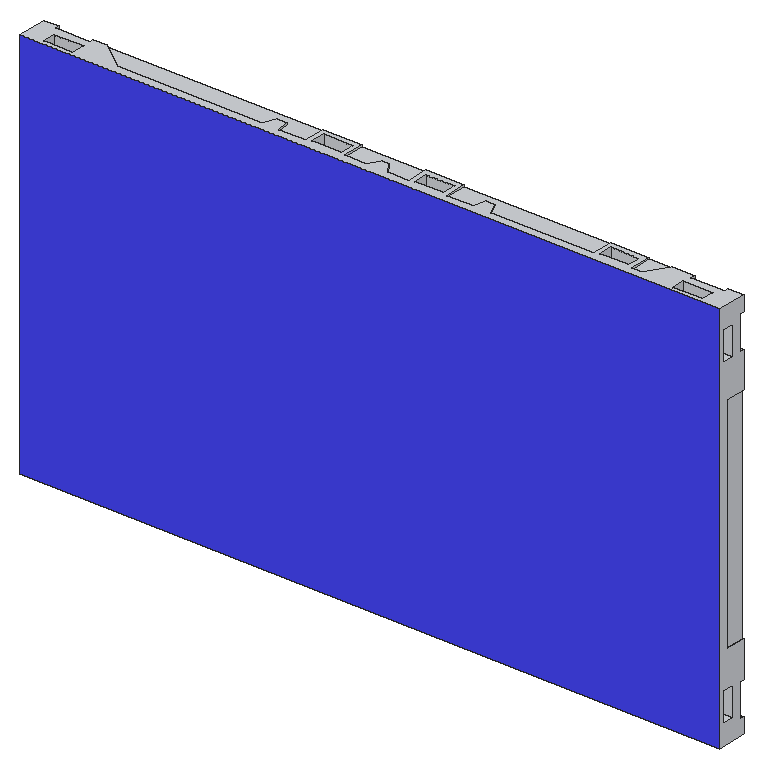
Revit family "DAK-NPN-COB-4600-6600_R23", category Generic Models, Revit 2023
Family settings
  Can host rebar = No
  Round Connector Dimension = Use Diameter
  Part Type = Normal
  Work Plane-Based = No
  Always vertical = Yes
  Cut with Voids When Loaded = No
  Maintain Annotation Orientation = No
  Shared = No
  Room Calculation Point = No
Parameters
  Type Comments = ""
  Model = "DAK-NPN-COB-4600-6600"
  Manufacturer = "DAKTRONICS"
  Description = ""
  Default Elevation = 0' - 0"
Reference planes (in)
  plane 1 "Center (Front/Back)": y = 0
  plane 2: z = 0
  plane 3 "Center (Left/Right)": x = 0
Forms (in)
  Extrusion 1, solid
    sketch origin (0, 0, 0) x (1, 0, 0) y (0, 0, 1)
      loop
        line (23.62205, 13.2874) -> (0, 13.2874) -> (0, 0) -> (23.62205, 0) -> (23.62205, 13.2874)
    from 0 to -0.98438
  Extrusion 2, void
    sketch origin (0, 0, 0) x (0, 1, 0) y (0, 0, 1)
      loop
        line (0.55118, 1.69291) -> (0.11811, 1.69291) -> (0.11811, 0.68898) -> (0.55118, 0.68898) -> (0.55118, 1.69291)
      loop
        line (0.55118, 12.59843) -> (0.11811, 12.59843) -> (0.11811, 11.59449) -> (0.55118, 11.59449) -> (0.55118, 12.59843)
    from 0 to 23.62205
  Extrusion 3, void
    sketch origin (0, 0, 0) x (0, 1, 0) y (0, 0, 1)
      loop
        line (0.98425, 2.87402) -> (0.98425, 10.19882) -> (0.27559, 10.19882) -> (0.27559, 2.87402) -> (0.98425, 2.87402)
    from 0 to 0.04331
  Extrusion 4, void
    sketch origin (0, 0, 0) x (0, 1, 0) y (0, 0, 1)
      loop
        line (0.98425, 2.87402) -> (0.98425, 10.41339) -> (0.27559, 10.41339) -> (0.27559, 2.87402) -> (0.98425, 2.87402)
    from 23.62205 to 23.5748
  Extrusion 5, void
    sketch origin (0, 0, 0) x (1, 0, 0) y (0, 0, 1)
      loop
        circle (22.24409, 1.37795) r 0.15748
      loop
        circle (22.24409, 11.90945) r 0.15748
      loop
        circle (1.37795, 1.37795) r 0.15748
      loop
        circle (1.37795, 11.90945) r 0.15748
    from -0.55118 to -0.98425
  Extrusion 6, void
    sketch origin (0, 0, 0) x (1, 0, 0) y (0, 1, 0)
      loop
        line (2.14567, 0.98425) -> (3.02606, 0.27559) -> (7.94449, 0.27559) -> (8.13055, 0.66929) -> (8.44551, 0.66929) -> (8.52362, 0.27559) -> (9.42913, 0.27559) -> (9.42913, 0.98425) -> (2.14567, 0.98425)
      loop
        line (10.72835, 0.98425) -> (10.72835, 0.27559) -> (11.43701, 0.27559) -> (11.69811, 0.64961) -> (11.92394, 0.64961) -> (12.18504, 0.27559) -> (12.8937, 0.27559) -> (12.8937, 0.98425) -> (10.72835, 0.98425)
      loop
        line (20.43356, 0.98425) -> (20.43356, 0.27559) -> (20.74852, 0.27559) -> (21.19232, 0.98425) -> (20.43356, 0.98425)
      loop
        line (14.19291, 0.98425) -> (14.19291, 0.27559) -> (15.09843, 0.27559) -> (15.17654, 0.66929) -> (15.4915, 0.66929) -> (15.67756, 0.27559) -> (19.13435, 0.27559) -> (19.13435, 0.98425) -> (14.19291, 0.98425)
    from 13.2874 to 13.24409
  Extrusion 7, void
    sketch origin (0, 0, 0) x (1, 0, 0) y (0, 1, 0)
      loop
        line (0.68898, 0.55118) -> (0.68898, 0.11811) -> (1.69291, 0.11811) -> (1.69291, 0.55118) -> (0.68898, 0.55118)
      loop
        line (10.57087, 0.33465) -> (10.57087, 0.80709) -> (9.58661, 0.80709) -> (9.58661, 0.33465) -> (10.57087, 0.33465)
      loop
        line (21.92913, 0.55118) -> (21.92913, 0.11811) -> (22.93307, 0.11811) -> (22.93307, 0.55118) -> (21.92913, 0.55118)
      loop
        line (20.27608, 0.80709) -> (19.29183, 0.80709) -> (19.29183, 0.33465) -> (20.27608, 0.33465) -> (20.27608, 0.80709)
      loop
        line (14.03543, 0.80709) -> (13.05118, 0.80709) -> (13.05118, 0.33465) -> (14.03543, 0.33465) -> (14.03543, 0.80709)
    from 0 to 13.2874
  Extrusion 8, void
    sketch origin (0, 0, 0) x (1, 0, 0) y (0, 1, 0)
      loop
        line (9.42913, 0.27559) -> (9.42913, 0.98425) -> (2.14567, 0.98425) -> (3.02606, 0.27559) -> (7.94449, 0.27559) -> (8.13055, 0.66929) -> (8.44551, 0.66929) -> (8.52362, 0.27559) -> (9.42913, 0.27559)
      loop
        line (11.43701, 0.27559) -> (11.69811, 0.64961) -> (11.92394, 0.64961) -> (12.18504, 0.27559) -> (12.8937, 0.27559) -> (12.8937, 0.98425) -> (10.72835, 0.98425) -> (10.72835, 0.27559) -> (11.43701, 0.27559)
      loop
        line (15.67756, 0.27559) -> (19.13435, 0.27559) -> (19.13435, 0.98425) -> (14.19291, 0.98425) -> (14.19291, 0.27559) -> (15.09843, 0.27559) -> (15.17654, 0.66929) -> (15.4915, 0.66929) -> (15.67756, 0.27559)
      loop
        line (21.19232, 0.98425) -> (20.43356, 0.98425) -> (20.43356, 0.27559) -> (20.74852, 0.27559) -> (21.19232, 0.98425)
    from 0 to 0.04331
  Extrusion 9, void
    sketch origin (0, 0, 0) x (1, 0, 0) y (0, 0, 1)
      loop
        line (23.62205, 11.63386) -> (23.62205, 12.77559) -> (23.54331, 12.77559) -> (23.11024, 13.20866) -> (23.11024, 13.2874) -> (21.9685, 13.2874) -> (21.9685, 12.74966) -> (23.08431, 11.63386) -> (23.62205, 11.63386)
      loop
        line (21.9685, 0) -> (23.11024, 0) -> (23.11024, 0.07874) -> (23.54331, 0.51181) -> (23.62205, 0.51181) -> (23.62205, 1.65354) -> (23.08431, 1.65354) -> (21.9685, 0.53774) -> (21.9685, 0)
      loop
        line (0.51181, 13.20866) -> (0.07874, 12.77559) -> (0, 12.77559) -> (0, 11.63386) -> (0.53774, 11.63386) -> (1.65354, 12.74966) -> (1.65354, 13.2874) -> (0.51181, 13.2874) -> (0.51181, 13.20866)
      loop
        line (1.65354, 0.53774) -> (0.53774, 1.65354) -> (0, 1.65354) -> (0, 0.51181) -> (0.07874, 0.51181) -> (0.51181, 0.07874) -> (0.51181, 0) -> (1.65354, 0) -> (1.65354, 0.53774)
    from -0.98438 to -0.84658
  Extrusion 10, void
    sketch origin (0, 0, 0) x (1, 0, 0) y (0, 0, 1)
      loop
        line (15.20579, 4.3212) -> (15.21227, 4.25962) -> (15.23422, 4.20917) -> (15.27304, 4.17307) -> (15.32756, 4.15089) -> (15.39227, 4.14032) -> (15.46425, 4.13743) -> (15.63966, 4.13743) -> (15.63966, 4.49123) -> (15.39965, 4.49123) -> (15.33342, 4.48542) -> (15.27731, 4.46579) -> (15.23703, 4.43148) -> (15.21323, 4.38232) -> (15.20579, 4.3212)
      loop
        arc (11.321, 8.49174) -> (9.64924, 6.81998) -> (11.321, 5.14821) r 1.67176
        line (11.321, 5.14821) -> (14.6645, 5.14821) -> (14.6645, 5.98408)
        arc (14.6645, 5.98408) -> (13.82861, 6.81998) -> (14.6645, 7.65587) r 0.8359
        line (14.6645, 7.65587) -> (14.6645, 8.49174) -> (11.321, 8.49174)
      loop
        line (14.81792, 4.2574) -> (14.69259, 4.48963) -> (14.56199, 4.2574) -> (14.81792, 4.2574)
      loop
        line (13.49886, 4.03323) -> (13.71386, 4.03323) -> (14.06476, 4.28516) -> (14.06476, 4.03323) -> (14.2019, 4.03323) -> (14.2019, 4.5916) -> (14.06476, 4.5916) -> (14.06476, 4.36601) -> (13.73889, 4.5916) -> (13.54238, 4.5916) -> (13.92779, 4.33281) -> (13.49886, 4.03323)
      loop
        line (14.50617, 4.15586) -> (14.87548, 4.15586) -> (14.94585, 4.03323) -> (15.08168, 4.03323) -> (14.75044, 4.5916) -> (14.61981, 4.5916) -> (14.2833, 4.03323) -> (14.43628, 4.03323) -> (14.50617, 4.15586)
      loop
        line (12.79899, 4.49086) -> (13.06939, 4.49086) -> (13.06939, 4.03323) -> (13.20527, 4.03323) -> (13.20527, 4.49086) -> (13.47434, 4.49086) -> (13.47434, 4.5916) -> (12.79899, 4.5916) -> (12.79899, 4.49086)
      loop
        line (12.18998, 4.45231) -> (12.18998, 4.38385)
        arc (12.18998, 4.38385) -> (12.2143, 4.35265) -> (12.25205, 4.34085) r 0.0663
        line (12.25205, 4.34085) -> (12.56219, 4.34085) -> (12.56219, 4.49531) -> (12.25205, 4.49531)
        arc (12.25205, 4.49531) -> (12.2143, 4.48351) -> (12.18998, 4.45231) r 0.0663
      loop
        line (12.43422, 4.24429) -> (12.56219, 4.24429) -> (12.56219, 4.03323) -> (12.69661, 4.03323) -> (12.69661, 4.5916) -> (12.19411, 4.5916) -> (12.14974, 4.58847) -> (12.11126, 4.57694) -> (12.08327, 4.5548) -> (12.06789, 4.52286) -> (12.06338, 4.48337) -> (12.06338, 4.35156) -> (12.06791, 4.3124) -> (12.08339, 4.28084) -> (12.11141, 4.25896) -> (12.14985, 4.24748) -> (12.19411, 4.24429) -> (12.27055, 4.24429) -> (12.00546, 4.03323) -> (12.20064, 4.03323) -> (12.43422, 4.24429)
      loop
        line (11.35663, 4.48853) -> (11.35663, 4.14051) -> (11.80644, 4.14051) -> (11.80644, 4.48853) -> (11.35663, 4.48853)
      loop
        line (15.43524, 4.03323) -> (15.77687, 4.03323) -> (15.77687, 4.5916) -> (15.40092, 4.5916) -> (15.29159, 4.58155) -> (15.19935, 4.5502) -> (15.1308, 4.49889) -> (15.08691, 4.4302) -> (15.06669, 4.34144) -> (15.07185, 4.24638) -> (15.10088, 4.1674) -> (15.15235, 4.1078) -> (15.22875, 4.06479) -> (15.32487, 4.04062) -> (15.43524, 4.03323)
      loop
        line (11.36597, 4.03323) -> (11.7973, 4.03323) -> (11.84112, 4.03509) -> (11.88041, 4.04269) -> (11.91165, 4.05992) -> (11.93086, 4.08766) -> (11.93994, 4.12402) -> (11.94223, 4.16519) -> (11.94223, 4.45964) -> (11.93992, 4.50081) -> (11.93084, 4.53717) -> (11.91167, 4.56494) -> (11.88044, 4.5822) -> (11.84113, 4.58977) -> (11.7973, 4.5916) -> (11.36597, 4.5916) -> (11.32211, 4.58978) -> (11.28277, 4.58222) -> (11.2515, 4.56499) -> (11.23228, 4.53723) -> (11.22316, 4.50085) -> (11.22084, 4.45964) -> (11.22084, 4.16519) -> (11.2232, 4.12405) -> (11.23245, 4.08775) -> (11.25177, 4.06009) -> (11.28298, 4.04281) -> (11.32221, 4.03512) -> (11.36597, 4.03323)
      loop
        line (10.09543, 4.5916) -> (10.09543, 4.03323) -> (10.23122, 4.03323) -> (10.23122, 4.5916) -> (10.09543, 4.5916)
      loop
        line (10.40621, 4.5916) -> (10.40621, 4.03323) -> (10.4998, 4.03323) -> (10.97216, 4.40916) -> (10.97216, 4.03323) -> (11.09611, 4.03323) -> (11.09611, 4.5916) -> (11.00232, 4.5916) -> (10.52888, 4.22088) -> (10.52888, 4.5916) -> (10.40621, 4.5916)
      loop
        line (9.80705, 5.24136) -> (9.87396, 5.35111) -> (9.91808, 5.35111) -> (9.91808, 5.24136) -> (9.95655, 5.24136) -> (9.95655, 5.49491) -> (9.86001, 5.49491) -> (9.81809, 5.48994)
        arc (9.81809, 5.48994) -> (9.79574, 5.47419) -> (9.77605, 5.45522) r 0.17882
        line (9.77605, 5.45522) -> (9.7704, 5.42264) -> (9.77864, 5.38644) -> (9.80046, 5.36423) -> (9.83624, 5.35293) -> (9.76412, 5.24136) -> (9.80705, 5.24136)
      loop
        line (9.92594, 4.16519) -> (9.92594, 4.45964) -> (9.92359, 4.50079) -> (9.91433, 4.53709) -> (9.89495, 4.56471) -> (9.86372, 4.58195) -> (9.82451, 4.58969) -> (9.78077, 4.5916) -> (9.4326, 4.5916) -> (9.38958, 4.58984) -> (9.35091, 4.58273) -> (9.3195, 4.56666) -> (9.29873, 4.53912) -> (9.28873, 4.50201) -> (9.2862, 4.45964) -> (9.2862, 4.40555) -> (9.42347, 4.3859) -> (9.42347, 4.48853) -> (9.78996, 4.48853) -> (9.78996, 4.14014) -> (9.42347, 4.14014) -> (9.42347, 4.25873) -> (9.2862, 4.23122) -> (9.2862, 4.16519) -> (9.28865, 4.12387) -> (9.29822, 4.08749) -> (9.31798, 4.05998) -> (9.34942, 4.04286) -> (9.38876, 4.03515) -> (9.4326, 4.03323) -> (9.78077, 4.03323) -> (9.8245, 4.03518) -> (9.86369, 4.04294) -> (9.89493, 4.06016) -> (9.91435, 4.08775) -> (9.92361, 4.12404) -> (9.92594, 4.16519)
      loop
        line (9.86581, 5.38358) -> (9.91808, 5.38358) -> (9.91808, 5.46219) -> (9.86581, 5.46219)
        arc (9.86581, 5.46219) -> (9.82651, 5.42289) -> (9.86581, 5.38358) r 0.0393
      loop
        line (8.53274, 4.24158) -> (8.53274, 4.16519) -> (8.53508, 4.12405) -> (8.54432, 4.08775) -> (8.56368, 4.06012) -> (8.5949, 4.04287) -> (8.63412, 4.03515) -> (8.67786, 4.03323) -> (9.04057, 4.03323) -> (9.08441, 4.03516) -> (9.12374, 4.04287) -> (9.15517, 4.06) -> (9.17494, 4.08751) -> (9.18452, 4.12387) -> (9.1879, 4.18084) -> (9.06552, 4.20341) -> (9.06552, 4.13743) -> (8.65536, 4.13743) -> (8.65536, 4.26541) -> (9.01669, 4.26541) -> (9.05973, 4.26728) -> (9.09839, 4.27456) -> (9.12976, 4.2908) -> (9.15054, 4.31833) -> (9.16065, 4.35538) -> (9.16319, 4.39769) -> (9.16319, 4.45964) -> (9.1606, 4.50194) -> (9.15045, 4.53896) -> (9.12964, 4.56644) -> (9.09829, 4.5826) -> (9.05967, 4.58981) -> (9.01669, 4.5916) -> (8.68572, 4.5916) -> (8.64334, 4.58982) -> (8.60508, 4.58278) -> (8.57357, 4.56726) -> (8.55265, 4.54201) -> (8.54207, 4.50875) -> (8.54207, 4.45637) -> (8.65669, 4.43194) -> (8.65669, 4.49123) -> (9.04057, 4.49123) -> (9.04057, 4.37387) -> (8.67786, 4.37387) -> (8.63396, 4.37195) -> (8.5946, 4.36431) -> (8.5633, 4.34705) -> (8.54405, 4.31928) -> (8.53498, 4.28284) -> (8.53274, 4.24158)
      loop
        circle (12.30945, 6.72893) r 0.8359
      loop
        circle (9.8714, 5.36784) r 0.21826
      loop
        circle (9.8714, 5.36784) r 0.1811
    from -0.96484 to -0.98438
  Extrusion 11, void
    sketch origin (0, 0, 0) x (1, 0, 0) y (0, 0, 1)
      loop
        circle (23.14961, 11.24016) r 0.13287
      loop
        circle (23.14961, 2.04724) r 0.13287
      loop
        circle (0.47244, 11.24016) r 0.13287
      loop
        circle (0.47244, 2.04724) r 0.13287
    from -0.55078 to -0.98438
  Extrusion 12, void
    sketch origin (0, 0, 0) x (1, 0, 0) y (0, 0, 1)
      loop
        line (18.0748, 1.27799) -> (18.0748, 1.88701) -> (15.35827, 1.88701) -> (15.35827, 1.27799) -> (18.0748, 1.27799)
      loop
        line (8.26378, 1.27799) -> (8.26378, 1.88701) -> (5.54724, 1.88701) -> (5.54724, 1.27799) -> (8.26378, 1.27799)
    from -0.96484 to -0.98438
Cuts and joins
  Extrusion 2, Extrusion 3, Extrusion 4, Extrusion 5, Extrusion 6, Extrusion 7, Extrusion 8, Extrusion 9, Extrusion 10, Extrusion 11, Extrusion 12 cuts Extrusion 1
Dimensions and locks (in)
  aligned and locked: plane 2 to level
